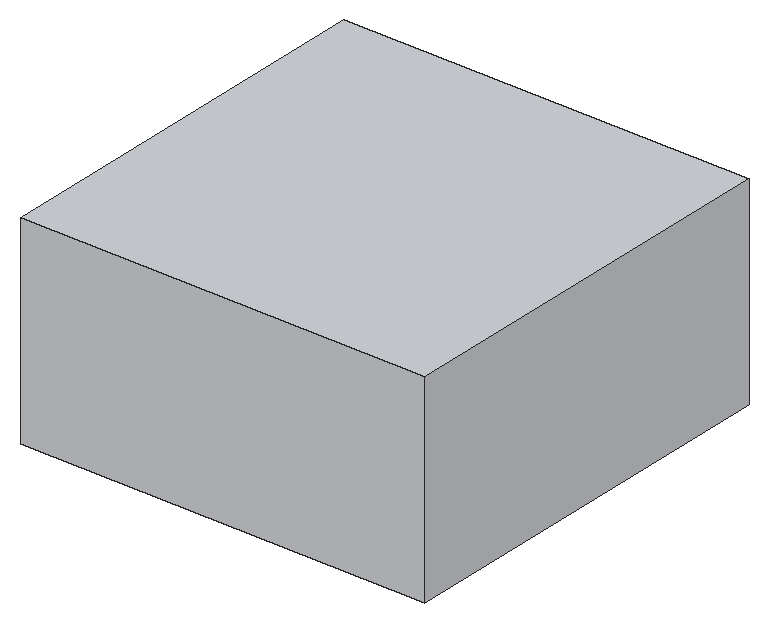
Revit family "SNS_Sensor", category 일반 모델, Revit 2026
Family settings
  보강 철근 호스트 가능 = 아니오
  원형 커넥터 치수 = 지름 사용
  부품 유형 = 보통
  작업 기준면 기반 = 아니오
  항상 수직 = 예
  로드될 때 보이드를 사용하여 절단 = 아니오
  주석 방향 유지 = 아니오
  공유 = 아니오
  룸 계산 점 = 아니오
Parameters (values of type "기본")
  기본 높이 = 0 mm
Reference planes
  plane 1 "중심(앞/뒤)": y = 0
  plane 2: z = 0
  plane 3 "중심(왼쪽/오른쪽)": x = 0
Forms (mm)
  Extrusion 1, solid
    sketch origin (0, 0, 0) x (1, 0, 0) y (0, 1, 0)
      loop
        line (-50, -50) -> (50, -50) -> (50, 50) -> (-50, 50) -> (-50, -50)
    from 0 to 50
Dimensions and locks
  aligned and locked: level to plane 2
